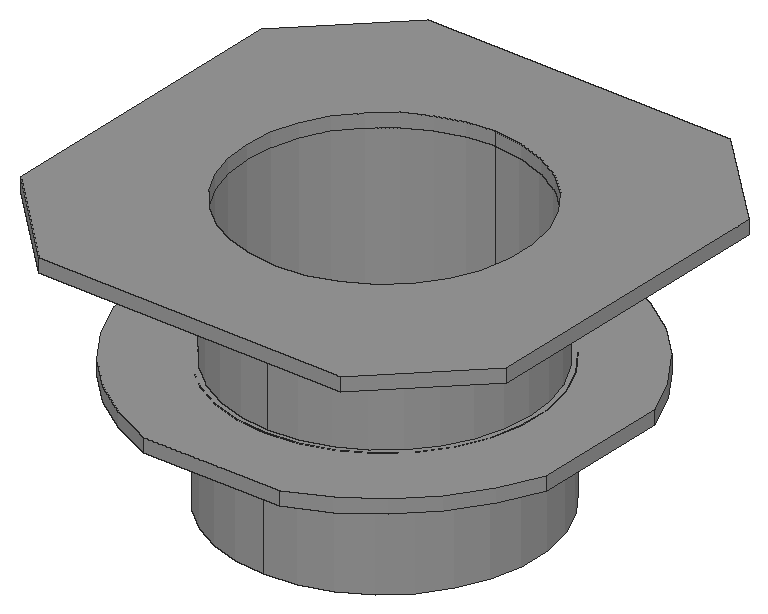
Revit family "Roxtec knock-out sleeve KOS", category Duct Accessories, host Face, Revit 2017
Family settings
  Host = Face
  Round Connector Dimension = Use Diameter
  Part Type = Attaches To
  Cut with Voids When Loaded = No
  Shared = No
Parameters (values of type "KOS 100/100 D=100")
  Weight (kg) = 0.3
  WarrantyGuarantorParts = ""
  WarrantyGuarantorLabor = ""
  WarrantyDurationUnit = ""
  WarrantyDurationParts = ""
  WarrantyDurationLabor = ""
  WarrantyDescription = ""
  Wall thickness [instance] = 100 mm
  Version = "2.0"  # constant formula
  Roxtec RTD [instance] = ""
  Roxtec Product Title [instance] = if(and(D = 100 mm, W = 180 mm), "KOS 100/100 D=100", if(and(D = 150 mm, W = 180 mm), "KOS 100/110 D=150", if(and(D = 100 mm, W = 230 mm), "KOS 150/150 D=100", if(and(D = 150 mm, W = 230 mm), "KOS 150/160 D=150", if(and(D = 100 mm, W = 280 mm), "KOS 200/200 D=100", "KOS 200/200 D=150")))))  # "KOS 100/100 D=100"
  Roxtec Product ID [instance] = if(and(D = 100 mm, W = 180 mm), "184063", if(and(D = 150 mm, W = 180 mm), "184064", if(and(D = 100 mm, W = 230 mm), "184065", if(and(D = 150 mm, W = 230 mm), "184066", if(and(D = 100 mm, W = 280 mm), "184067", "184068")))))  # "184063"
  L = 48 mm
  Knock-out plate offset = 85 mm
  Extension tube L [instance] = if((Wall thickness - D = 0 mm), 1 mm, (Wall thickness - D))  # 1 mm
  ETIM Classification = "EC001174"  # constant formula
  Diameter A = 102 mm
  Uniclass2015Version = ""
  Uniclass2015Title = ""
  Uniclass2015Code = ""
  URL = "https://www.roxtec.com/en/products/solutions/roxtec-knock-out-sleeve-ug/"
  UNSPSC Code = ""
  Sähkönumero = "1753094"
  SustainabilityPerformance = ""
  Size = ""
  Shape = ""
  Revision = ""
  ReplacementCost = ""
  ProductInformation = ""
  ProdLib_ID = ""
  NominalLength [instance] = 0 mm
  NominalHeight = 0 mm
  NominalDepth = 0 mm
  Name = ""
  NBSReference = ""
  NBSDescription = ""
  ModelReference = ""
  ModelNumber = ""
  ManufacturerURL = ""
  Manufacturer = "Roxtec"  # constant formula
  IfcExportType = ""
  IfcExportAs = ""
  IfcClassification = ""
  IFC Classification = ""
  Grade = ""
  Material = ABS Plastic
  Finish = ""
  Features = ""
  Extension tube visibililty [instance] = (Wall thickness > 150 mm)  # no
  ExpectedLife = ""
  DurationUnit = ""
  Description = "Sealing solutions for cables and pipes"
  Default Elevation = 0 mm
  D = 100 mm
  Constituents = ""
  Color = ""
  CodePerformance = ""
  Category = ""
  COBie Type Category = ""
  W = 180 mm
  BIMObjectName = ""
  Author = "ProdLib Oy"  # constant formula
  AssetType = ""
  AccessibilityPerformance = ""
Types (7, lengths in mm): name | Weight (kg) | Wall thickness | Roxtec Product Title | Roxtec Product ID | L | Extension tube L | Diameter A | Sähkönumero | Extension tube visibililty | D | W
  (no name) | 0.3 | 100 | "KOS 100/100 D=100" | "184063" | 48 | 1 | 102 | "1753094" | no | 100 | 180
  KOS 100/110 D=150 | 0.4 | 200 | "KOS 100/110 D=150" | "184064" | 80 | 50 | 102 | "1753094" | yes | 150 | 180
  KOS 150/160 D=150 | 0.6 | 200 | "KOS 150/160 D=150" | "184066" | 80 | 50 | 152 | "1753095" | yes | 150 | 230
  KOS 200/200 D=150 | 0.8 | 200 | "KOS 200/200 D=150" | "184068" | 80 | 50 | 202 | "1753096" | yes | 150 | 280
  KOS 100/100 D=100 | 0.3 | 100 | "KOS 100/100 D=100" | "184063" | 48 | 1 | 102 | "1753094" | no | 100 | 180
  KOS 150/150 D=100 | 0.4 | 100 | "KOS 150/150 D=100" | "184065" | 48 | 1 | 152 | "1753095" | no | 100 | 230
  KOS 200/200 D=100 | 0.6 | 100 | "KOS 200/200 D=100" | "184067" | 48 | 1 | 202 | "1753096" | no | 100 | 280
Reference planes
  plane 1 "Center (Front/Back)": y = 0
  plane 2: z = 0
  plane 3 "Center (Left/Right)": x = 0
  plane 4: y = 90
  plane 5: y = -90
  plane 6: y = 51
  plane 7: y = -51
  plane 8: y = 56
  plane 9: y = -56
  plane 10: z = -53
  plane 11: z = -100
  plane 12: x = -90
  plane 13: x = 90
  plane 14: x = -51
  plane 15: x = 51
  plane 16: z = -5
  plane 17: x = -56
  plane 18: x = 56
  plane 19: z = -100
  plane 20: x = -25.191
  plane 21: x = 25.191
  plane 22: y = 25
  plane 23: y = -25
  plane 24: y = 80
  plane 25: x = 80
  plane 26: y = -80
  plane 27: x = -80
  plane 28: z = -58
  plane 29: z = -150
  plane 30: z = -101
  plane 31: z = -85
  plane 32: z = -89.968
Forms (mm)
  Extrusion 1, solid, material "ABS Plastic" <- "Material"
    sketch origin (0, 0, 0) x (0, -1, 0) y (1, 0, 0)
      loop
        line (-90, -56) -> (-56, -90) -> (56, -90) -> (90, -56) -> (90, 56) -> (56, 90) -> (-56, 90) -> (-90, 56) -> (-90, -56)
    from 0 to -5
  Extrusion 2, solid, material "ABS Plastic" <- "Material"
    sketch origin (-356.4, -4572, 4) x (-1, 0, 0) y (0, -1, 0)
      loop
        circle (-356.4, -4572) r 51
      loop
        circle (-356.4, -4572) r 54
    from -62 to -9
  Extrusion 3, solid, material "ABS Plastic" <- "Material"
    sketch origin (-356.4, -4572, 4) x (-1, 0, 0) y (0, -1, 0)
      loop
        arc (-331.4, -4652) -> (-297.651, -4630.748) -> (-276.4, -4597) r 90
        line (-276.4, -4597) -> (-276.4, -4547)
        arc (-276.4, -4547) -> (-297.575, -4513.293) -> (-331.209, -4492) r 90.099
        line (-331.209, -4492) -> (-381.591, -4492)
        arc (-381.591, -4492) -> (-415.224, -4513.293) -> (-436.4, -4547) r 90.099
        line (-436.4, -4547) -> (-436.4, -4597)
        arc (-436.4, -4597) -> (-415.224, -4630.707) -> (-381.591, -4652) r 90.099
        line (-381.591, -4652) -> (-331.4, -4652)
      loop
        circle (-356.4, -4572) r 51
    from -57 to -62
  Extrusion 4, solid, material "ABS Plastic" <- "Material"
    sketch origin (-356.4, -4572, 4) x (-1, 0, 0) y (0, -1, 0)
      loop
        circle (-356.4, -4572) r 54
      loop
        circle (-356.4, -4572) r 56
    from -57 to -104
  Extrusion 5, void
    sketch origin (-356.4, -4572, 4) x (-1, 0, 0) y (0, -1, 0)
      loop
        circle (-356.4, -4572) r 51
    from -9 to -4
  Extrusion 6, solid, material "ABS Plastic" <- "Material", visible <- "Extension tube visibililty"
    sketch origin (-356.4, -4572, 4) x (-1, 0, 0) y (0, -1, 0)
      loop
        circle (-356.4, -4572) r 51
      loop
        circle (-356.4, -4572) r 54
    from -105 to -104
  Extrusion 7, void
    sketch origin (-356.4, -4572, 4) x (-1, 0, 0) y (0, -1, 0)
      loop
        circle (-356.4, -4572) r 56
    from -504 to -4
  Extrusion 8, solid, material "ABS Plastic" <- "Material"
    sketch origin (0, 0, 0) x (1, 0, 0) y (0, 1, 0)
      loop
        circle (0, 0) r 51
    from -89.968 to -85
Cuts and joins
  Extrusion 5 cuts Extrusion 1
  joined: Extrusion 1, Extrusion 2
  Extrusion 5 cuts Extrusion 4
Dimensions and locks
  equal spacing: plane 4, plane 1 "Center (Front/Back)", plane 5
  "W": plane 4 to plane 5
  locked: plane 8 to plane 6 at 5
  locked: plane 7 to plane 9 at 5
  "D": plane 11 to level
  "W": plane 12 to plane 13
  locked: plane 16 to level at 5
  locked: plane 17 to plane 14 at 5
  locked: plane 15 to plane 18 at 5
  equal spacing: plane 12, plane 3 "Center (Left/Right)", plane 13
  "Wall thickness": level to plane 19
  equal spacing: plane 14, plane 3 "Center (Left/Right)", plane 15
  "Diameter A": plane 14 to plane 15
  equal spacing: plane 6, plane 1 "Center (Front/Back)", plane 7
  "Diameter A": plane 6 to plane 7
  "L": plane 10 to plane 16
  locked: Extrusion 2 sketch curve to Extrusion 2 sketch curve at 3  (x2)
  equal spacing: plane 20, plane 3 "Center (Left/Right)", plane 21
  equal spacing: plane 22, plane 1 "Center (Front/Back)", plane 23
  locked: plane 4 to plane 24 at 10
  locked: plane 26 to plane 5 at 10
  locked: plane 12 to plane 27 at 10
  locked: plane 25 to plane 13 at 10
  locked: plane 10 to plane 28 at 5
  locked: Extrusion 6 sketch curve to Extrusion 6 sketch curve at 3
  locked: plane 7 to Extrusion 6 sketch curve at 3
  "Knock-out plate offset": plane 31 to plane 2
  locked: plane 32 to plane 31 at 4.968
  "Extension tube L": plane 30 to plane 11
  aligned and locked: plane 2 to host face
  aligned and locked: level to host face
  aligned and locked: plane 12 to Extrusion 1 sketch curve  (x2)
  aligned and locked: plane 16 to Extrusion 1
  aligned and locked: plane 8 to Extrusion 1 sketch curve  (x2)
  aligned and locked: plane 4 to Extrusion 1 sketch curve  (x2)
  aligned and locked: plane 17 to Extrusion 1 sketch curve  (x2)
  aligned and locked: plane 13 to Extrusion 1 sketch curve  (x2)
  aligned and locked: plane 18 to Extrusion 1 sketch curve  (x2)
  aligned and locked: plane 5 to Extrusion 1 sketch curve  (x2)
  aligned and locked: plane 9 to Extrusion 1 sketch curve  (x2)
  aligned and locked: plane 6 to Extrusion 2 sketch curve
  aligned and locked: plane 3 "Center (Left/Right)" to Extrusion 2 sketch curve  (x2)
  aligned and locked: plane 7 to Extrusion 2 sketch curve
  aligned and locked: Extrusion 2 to Extrusion 1
  aligned and locked: plane 22 to Extrusion 3 sketch curve  (x2)
  aligned and locked: plane 23 to Extrusion 3 sketch curve  (x2)
  aligned and locked: Extrusion 3 sketch curve to plane 27
  aligned and locked: plane 21 to Extrusion 3 sketch curve  (x2)
  aligned and locked: Extrusion 3 sketch curve to plane 24
  aligned and locked: Extrusion 3 sketch curve to plane 25
  aligned and locked: Extrusion 3 sketch curve to plane 26
  aligned and locked: plane 20 to Extrusion 3 sketch curve
  aligned and locked: plane 10 to Extrusion 3
  aligned and locked: Extrusion 4 sketch curve to Extrusion 2
  aligned and locked: plane 8 to Extrusion 4 sketch curve
  aligned and locked: plane 9 to Extrusion 4 sketch curve
  aligned and locked: plane 11 to Extrusion 4
  aligned and locked: Extrusion 5 sketch curve to Extrusion 2
  aligned and locked: Extrusion 1 to Extrusion 5
  aligned and locked: level to Extrusion 5
  aligned and locked: plane 6 to Extrusion 6 sketch curve
  aligned and locked: plane 7 to Extrusion 6 sketch curve
  aligned and locked: Extrusion 6 to plane 11
  aligned and locked: Extrusion 7 sketch curve to Extrusion 4  (x2)
  aligned and locked: Extrusion 3 to plane 28
  aligned and locked: Extrusion 4 to plane 10
  aligned and locked: Extrusion 2 to plane 28
  aligned and locked: level to Extrusion 7
  aligned and locked: plane 30 to Extrusion 6
  aligned and locked: Extrusion 3 sketch curve to cut or joined group of Extrusion 1, Extrusion 2, Extrusion 5
  aligned and locked: Extrusion 8 sketch curve to cut or joined group of Extrusion 1, Extrusion 2, Extrusion 5  (x2)
  aligned and locked: plane 31 to Extrusion 8
  aligned and locked: plane 32 to Extrusion 8
Automatic sketch dimensions
  host sketch curve to host sketch curve = 2438.4 mm  (x2)
  Extrusion 2 sketch curve to Extrusion 2 sketch curve = 0 mm
  Extrusion 3 sketch curve to plane 1 "Center (Front/Back)" = 4.891 mm  (x2)
  plane 3 "Center (Left/Right)" to Extrusion 3 sketch curve = 4.891 mm
  plane 1 "Center (Front/Back)" to Extrusion 3 sketch curve = 4.891 mm
  plane 20 to Extrusion 3 sketch curve = 0.191 mm
  Extrusion 4 sketch curve to Extrusion 4 sketch curve = 0 mm
  Extrusion 6 sketch curve to plane 3 "Center (Left/Right)" = 0 mm
  Extrusion 6 sketch curve to Extrusion 6 sketch curve = 0 mm
